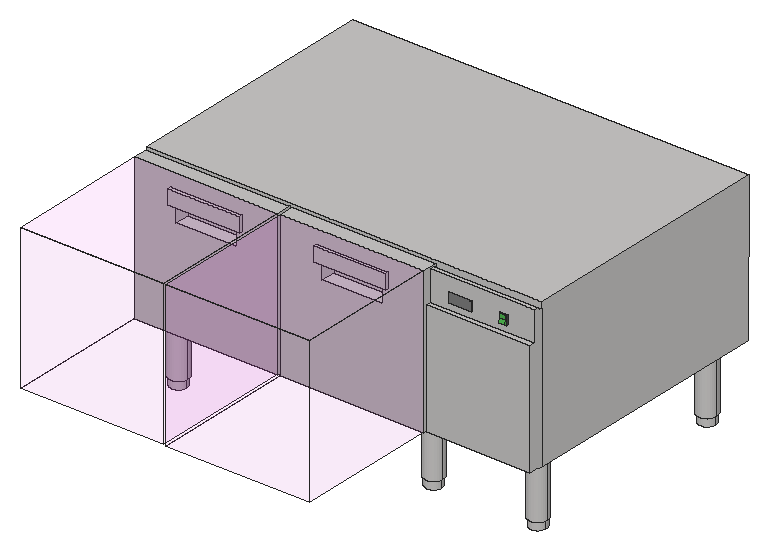
Revit family "QF_ELECTROLUXPROFESSIONAL_391603_E9TTAPCOMIN", category Specialty Equipment, Revit 2023
Family settings
  Round Connector Dimension = Use Diameter
  Part Type = Normal
  Work Plane-Based = No
  Enable Cutting in Views = No
  Always vertical = Yes
  Cut with Voids When Loaded = No
  Maintain Annotation Orientation = No
  Shared = No
  Room Calculation Point = No
Parameters (values of type "Standard")
  Weight = 114.00 kg
  Watts = 4000 W
  Volts = 220 V
  URL Manufacturer = "http://professional.electrolux.com"
  URL = "http://professional.electrolux.com"
  Steam Supply Size = 0 mm
  Steam Supply Minimum Pressure = 0.0 Pa
  Steam Supply Maximum Pressure = 0.0 Pa
  Steam Pounds per Hour = 0
  Refrigeration Suction Line Size = 0 mm
  Refrigeration Liquid Line Size = 0 mm
  Refrigerant Compressor Remote = yes
  Default Elevation = 0 mm
  Manufacturer = "Electrolux Professional"
  Phase = 1
  Model = "E9TTAPCOMIN"
  Length Actual = 1200 mm  # constant formula
  Item Number = "391603"
  Hot Water Size = 0 mm
  Height Actual = 600 mm  # constant formula
  HP = "0.5 HP"
  Gas Size = 0 mm
  Gas KW = 0
  Gas Input Pressure = 0 W
  Description = "REFRIGERATED BASE WITH 2 DRAWERS 1200MM-60HZ - R290"
  Depth Actual = 830 mm  # constant formula
  Cycle = 60 Hz
  Condensate Return Size = 0 mm
  Compressed Air Volume = 0.0 L/s
  Compressed Air Size = 0 mm
  Compressed Air Pressure = 0.0 Pa
  Cold Water Size = 0 mm
  Accessory = yes
Reference planes
  plane 1 "Center X": y = 0
  plane 2: z = 0
  plane 3 "Centro (Sinistra/Destra)": x = 0
  plane 4: z = 200
  plane 5 "TOP": z = 650
  plane 6 "BACK": y = 450
  plane 7 "FRONT": y = -450
  plane 8 "LEFT": x = -600
  plane 9 "RIGHT": x = 600
  plane 10: y = -403
  plane 11: y = -448
  plane 12: x = -545
  plane 13: x = 545
  plane 14: x = 229
  plane 15: y = 292
  plane 16: y = -350
  plane 17: x = 286
  plane 18: x = -599
  plane 19: x = 599
  plane 20: y = 290
  plane 21: x = 560
  plane 22: y = 380
Forms (mm)
  Extrusion 1, solid, material "QF_Finishes_Stainless Steel"
    sketch origin (0, 0, 650) x (-1, 0, 0) y (0, -1, 0)
      loop
        line (599, -380) -> (599, 403) -> (-599, 403) -> (-599, -380) -> (599, -380)
    from -450 to 0
  Extrusion 2, solid, material "QF_Finishes_Stainless Steel"
    sketch origin (196, -342.999, 0) x (-1, 0, 0) y (0, 0, 1)
      loop
        line (795, 201.587) -> (795, 640.994) -> (360.999, 640.994) -> (360.999, 201.587) -> (795, 201.587)
      loop
        line (671.3, 506.706) -> (671.3, 585) -> (484.699, 585) -> (484.699, 506.706) -> (671.3, 506.706)
    from -105.001 to -60.001
  Extrusion 3, solid, material "QF_Door-Drawer Clearances"
    sketch origin (196, -448, 0) x (1, 0, 0) y (0, 0, 1)
      loop
        line (-795, 640.994) -> (-795, 201.587) -> (-360.999, 201.587) -> (-360.999, 640.994) -> (-795, 640.994)
    from 0 to 434
  Extrusion 4, solid, material "QF_Finishes_Stainless Steel"
    sketch origin (599, 66.551, 0) x (0, 1, 0) y (0, 0, 1)
      loop
        line (-469.551, 629.527) -> (-486.314, 640.994) -> (-497.65, 640.994) -> (-497.65, 549.796) -> (-514.551, 549.796) -> (-514.551, 204.796) -> (-484.714, 204.796) -> (-474.993, 200) -> (-469.551, 200) -> (-469.551, 629.527)
    from 0 to -313
  Extrusion 5, solid, material "QF_Finishes_Black"
    sketch origin (583, -431.099, 630.994) x (0, 0, -1) y (1, 0, 0)
      loop
        line (32.198, -86.899) -> (61.199, -86.899) -> (61.199, -64.9) -> (32.198, -64.9) -> (32.198, -86.899)
    from 0 to 1.6
  Extrusion 6, solid, material "QF_Finishes_Grey"
    sketch origin (589, -431.099, 630.994) x (0, 0, -1) y (1, 0, 0)
      loop
        line (32.198, -248.099) -> (61.199, -248.099) -> (61.199, -178.099) -> (32.198, -178.099) -> (32.198, -248.099)
    from 0 to 1.6
  Extrusion 7, solid, material "QF_Finishes_Green"
    sketch origin (518.1, -431.099, 598.796) x (0, 0, -1) y (0, 1, 0)
      loop
        line (2.279, -3.281) -> (14.5, -3.281) -> (25.308, -8.985)
        arc (25.308, -8.985) -> (26.537, -5.394) -> (26.605, -1.6) r 12.221
        line (26.605, -1.6) -> (2.395, -1.6)
        arc (2.395, -1.6) -> (2.308, -2.439) -> (2.279, -3.281) r 12.221
    from -20 to -2
  Extrusion 8, solid, material "QF_Door-Drawer Clearances"
    sketch origin (638.501, -342.999, 0) x (1, 0, 0) y (0, 0, 1)
      loop
        line (-795, 640.994) -> (-795, 201.587) -> (-360.999, 201.587) -> (-360.999, 640.994) -> (-795, 640.994)
    from 105.001 to 539.001
  Extrusion 9, solid, material "QF_Finishes_Stainless Steel"
    sketch origin (196, -448, 0) x (1, 0, 0) y (0, 0, 1)
      loop
        line (-686.3, 598.969) -> (-686.3, 553.969) -> (-469.699, 553.969) -> (-469.699, 598.969) -> (-686.3, 598.969)
    from 0 to 10
  Extrusion 10, solid, material "QF_Finishes_Stainless Steel"
    sketch origin (638.501, -342.999, 0) x (-1, 0, 0) y (0, 0, 1)
      loop
        line (795, 201.587) -> (795, 640.994) -> (360.999, 640.994) -> (360.999, 201.587) -> (795, 201.587)
      loop
        line (671.3, 506.706) -> (671.3, 585) -> (484.699, 585) -> (484.699, 506.706) -> (671.3, 506.706)
    from -105.001 to -60.001
  Extrusion 11, solid, material "QF_Finishes_Stainless Steel"
    sketch origin (638.501, -448, 0) x (1, 0, 0) y (0, 0, 1)
      loop
        line (-686.3, 598.969) -> (-686.3, 553.969) -> (-469.699, 553.969) -> (-469.699, 598.969) -> (-686.3, 598.969)
    from 0 to 10
  Extrusion 12, solid, material "QF_Finishes_Stainless Steel"
    sketch origin (0, -30, 0) x (1, 0, 0) y (0, 1, 0)
      loop
        circle (560, 290) r 6
    from 189.987 to 200
Lines and regions (mm)
  Split face 1
    outline origin (589, -432.699, 630.994) x (0, 0, -1) y (1, 0, 0)
      loop
        line (37.198, -238.099) -> (52.198, -238.099) -> (52.198, -188.099) -> (37.198, -188.099) -> (37.198, -238.099)
  Split face 2
    outline origin (589, -432.699, 630.994) x (0, 0, -1) y (1, 0, 0)
      loop
        circle (44.698, -185.099) r 1.2
  Split face 3
    outline origin (589, -432.699, 630.994) x (0, 0, -1) y (1, 0, 0)
      loop
        circle (39.698, -185.099) r 1.2
  Split face 4
    outline origin (589, -432.699, 630.994) x (0, 0, -1) y (1, 0, 0)
      loop
        circle (49.698, -185.099) r 1.2
  Split face 5
    outline origin (589, -432.699, 630.994) x (0, 0, -1) y (1, 0, 0)
      loop
        circle (39.698, -241.099) r 1.2
  Split face 6
    outline origin (589, -432.699, 630.994) x (0, 0, -1) y (1, 0, 0)
      loop
        circle (44.698, -241.099) r 1.2
  Split face 7
    outline origin (589, -432.699, 630.994) x (0, 0, -1) y (1, 0, 0)
      loop
        circle (49.698, -241.099) r 1.2
  Split face 8
    outline origin (589, -432.699, 630.994) x (0, 0, -1) y (1, 0, 0)
      loop
        line (59.151, -238.099) -> (59.151, -227.099) -> (54.151, -227.099) -> (54.151, -238.099) -> (59.151, -238.099)
  Split face 9
    outline origin (589, -432.699, 630.994) x (0, 0, -1) y (1, 0, 0)
      loop
        line (54.151, -225.099) -> (59.151, -225.099) -> (59.151, -214.099) -> (54.151, -214.099) -> (54.151, -225.099)
  Split face 10
    outline origin (602, -432.699, 630.994) x (0, 0, -1) y (1, 0, 0)
      loop
        line (54.151, -225.099) -> (59.151, -225.099) -> (59.151, -214.099) -> (54.151, -214.099) -> (54.151, -225.099)
  Split face 11
    outline origin (615, -432.699, 630.994) x (0, 0, -1) y (1, 0, 0)
      loop
        line (54.151, -225.099) -> (59.151, -225.099) -> (59.151, -214.099) -> (54.151, -214.099) -> (54.151, -225.099)
  Split face 12
    outline origin (601.5, -448, 549.796) x (0, 0, -1) y (1, 0, 0)
      loop
        arc (52.48, -282.599) -> (56.5, -278.61) -> (52.5, -274.599) r 4
        line (52.5, -274.599) -> (20.5, -274.599)
        arc (20.5, -274.599) -> (16.5, -278.61) -> (20.521, -282.599) r 4
        line (20.521, -282.599) -> (52.48, -282.599)
  Split face 13
    outline origin (613.5, -448, 549.796) x (0, 0, -1) y (1, 0, 0)
      loop
        arc (52.48, -282.599) -> (56.5, -278.61) -> (52.5, -274.599) r 4
        line (52.5, -274.599) -> (20.5, -274.599)
        arc (20.5, -274.599) -> (16.5, -278.61) -> (20.521, -282.599) r 4
        line (20.521, -282.599) -> (52.48, -282.599)
  Split face 14
    outline origin (625.5, -448, 549.796) x (0, 0, -1) y (1, 0, 0)
      loop
        arc (52.48, -282.599) -> (56.5, -278.61) -> (52.5, -274.599) r 4
        line (52.5, -274.599) -> (20.5, -274.599)
        arc (20.5, -274.599) -> (16.5, -278.61) -> (20.521, -282.599) r 4
        line (20.521, -282.599) -> (52.48, -282.599)
  Split face 15
    outline origin (637.397, -448, 549.796) x (0, 0, -1) y (1, 0, 0)
      loop
        arc (52.48, -282.599) -> (56.5, -278.61) -> (52.5, -274.599) r 4
        line (52.5, -274.599) -> (20.5, -274.599)
        arc (20.5, -274.599) -> (16.5, -278.61) -> (20.521, -282.599) r 4
        line (20.521, -282.599) -> (52.48, -282.599)
  Split face 16
    outline origin (649.396, -448, 549.796) x (0, 0, -1) y (1, 0, 0)
      loop
        arc (52.48, -282.599) -> (56.5, -278.61) -> (52.5, -274.599) r 4
        line (52.5, -274.599) -> (20.5, -274.599)
        arc (20.5, -274.599) -> (16.5, -278.61) -> (20.521, -282.599) r 4
        line (20.521, -282.599) -> (52.48, -282.599)
  Split face 17
    outline origin (661.396, -448, 549.796) x (0, 0, -1) y (1, 0, 0)
      loop
        arc (52.48, -282.599) -> (56.5, -278.61) -> (52.5, -274.599) r 4
        line (52.5, -274.599) -> (20.5, -274.599)
        arc (20.5, -274.599) -> (16.5, -278.61) -> (20.521, -282.599) r 4
        line (20.521, -282.599) -> (52.48, -282.599)
  Split face 18
    outline origin (673.396, -448, 549.796) x (0, 0, -1) y (1, 0, 0)
      loop
        arc (52.48, -282.599) -> (56.5, -278.61) -> (52.5, -274.599) r 4
        line (52.5, -274.599) -> (20.5, -274.599)
        arc (20.5, -274.599) -> (16.5, -278.61) -> (20.521, -282.599) r 4
        line (20.521, -282.599) -> (52.48, -282.599)
  Split face 19
    outline origin (685.397, -448, 549.796) x (0, 0, -1) y (1, 0, 0)
      loop
        arc (52.48, -282.599) -> (56.5, -278.61) -> (52.5, -274.599) r 4
        line (52.5, -274.599) -> (20.5, -274.599)
        arc (20.5, -274.599) -> (16.5, -278.61) -> (20.521, -282.599) r 4
        line (20.521, -282.599) -> (52.48, -282.599)
  Split face 20
    outline origin (697.396, -448, 549.796) x (0, 0, -1) y (1, 0, 0)
      loop
        arc (52.48, -282.599) -> (56.5, -278.61) -> (52.5, -274.599) r 4
        line (52.5, -274.599) -> (20.5, -274.599)
        arc (20.5, -274.599) -> (16.5, -278.61) -> (20.521, -282.599) r 4
        line (20.521, -282.599) -> (52.48, -282.599)
  Split face 21
    outline origin (704.396, -448, 549.796) x (0, 0, -1) y (1, 0, 0)
      loop
        arc (52.48, -242.399) -> (56.5, -238.41) -> (52.5, -234.4) r 4
        line (52.5, -234.4) -> (20.5, -234.4)
        arc (20.5, -234.4) -> (16.5, -238.41) -> (20.521, -242.399) r 4
        line (20.521, -242.399) -> (52.48, -242.399)
  Split face 22
    outline origin (716.396, -448, 549.796) x (0, 0, -1) y (1, 0, 0)
      loop
        arc (52.48, -242.399) -> (56.5, -238.41) -> (52.5, -234.4) r 4
        line (52.5, -234.4) -> (20.5, -234.4)
        arc (20.5, -234.4) -> (16.5, -238.41) -> (20.521, -242.399) r 4
        line (20.521, -242.399) -> (52.48, -242.399)
  Split face 23
    outline origin (728.396, -448, 549.796) x (0, 0, -1) y (1, 0, 0)
      loop
        arc (52.48, -242.399) -> (56.5, -238.41) -> (52.5, -234.4) r 4
        line (52.5, -234.4) -> (20.5, -234.4)
        arc (20.5, -234.4) -> (16.5, -238.41) -> (20.521, -242.399) r 4
        line (20.521, -242.399) -> (52.48, -242.399)
  Split face 24
    outline origin (740.396, -448, 549.796) x (0, 0, -1) y (1, 0, 0)
      loop
        arc (52.48, -242.399) -> (56.5, -238.41) -> (52.5, -234.4) r 4
        line (52.5, -234.4) -> (20.5, -234.4)
        arc (20.5, -234.4) -> (16.5, -238.41) -> (20.521, -242.399) r 4
        line (20.521, -242.399) -> (52.48, -242.399)
  Split face 25
    outline origin (752.396, -448, 549.796) x (0, 0, -1) y (1, 0, 0)
      loop
        arc (52.48, -242.399) -> (56.5, -238.41) -> (52.5, -234.4) r 4
        line (52.5, -234.4) -> (20.5, -234.4)
        arc (20.5, -234.4) -> (16.5, -238.41) -> (20.521, -242.399) r 4
        line (20.521, -242.399) -> (52.48, -242.399)
  Split face 26
    outline origin (764.396, -448, 549.796) x (0, 0, -1) y (1, 0, 0)
      loop
        arc (52.48, -242.399) -> (56.5, -238.41) -> (52.5, -234.4) r 4
        line (52.5, -234.4) -> (20.5, -234.4)
        arc (20.5, -234.4) -> (16.5, -238.41) -> (20.521, -242.399) r 4
        line (20.521, -242.399) -> (52.48, -242.399)
  Split face 27
    outline origin (776.396, -448, 549.796) x (0, 0, -1) y (1, 0, 0)
      loop
        arc (52.48, -242.399) -> (56.5, -238.41) -> (52.5, -234.4) r 4
        line (52.5, -234.4) -> (20.5, -234.4)
        arc (20.5, -234.4) -> (16.5, -238.41) -> (20.521, -242.399) r 4
        line (20.521, -242.399) -> (52.48, -242.399)
  Split face 28
    outline origin (788.396, -448, 549.796) x (0, 0, -1) y (1, 0, 0)
      loop
        arc (52.48, -242.399) -> (56.5, -238.41) -> (52.5, -234.4) r 4
        line (52.5, -234.4) -> (20.5, -234.4)
        arc (20.5, -234.4) -> (16.5, -238.41) -> (20.521, -242.399) r 4
        line (20.521, -242.399) -> (52.48, -242.399)
  Split face 29
    outline origin (800.396, -448, 549.796) x (0, 0, -1) y (1, 0, 0)
      loop
        arc (52.48, -242.399) -> (56.5, -238.41) -> (52.5, -234.4) r 4
        line (52.5, -234.4) -> (20.5, -234.4)
        arc (20.5, -234.4) -> (16.5, -238.41) -> (20.521, -242.399) r 4
        line (20.521, -242.399) -> (52.48, -242.399)
  Split face 30
    outline origin (812.396, -448, 549.796) x (0, 0, -1) y (1, 0, 0)
      loop
        arc (52.48, -242.399) -> (56.5, -238.41) -> (52.5, -234.4) r 4
        line (52.5, -234.4) -> (20.5, -234.4)
        arc (20.5, -234.4) -> (16.5, -238.41) -> (20.521, -242.399) r 4
        line (20.521, -242.399) -> (52.48, -242.399)
  Split face 31
    outline origin (589.5, -448, 549.796) x (0, 0, -1) y (1, 0, 0)
      loop
        arc (52.48, -282.599) -> (56.5, -278.61) -> (52.5, -274.599) r 4
        line (52.5, -274.599) -> (20.5, -274.599)
        arc (20.5, -274.599) -> (16.5, -278.61) -> (20.521, -282.599) r 4
        line (20.521, -282.599) -> (52.48, -282.599)
  Split face 32
    outline origin (601.5, -448, 504.794) x (0, 0, -1) y (1, 0, 0)
      loop
        arc (52.48, -282.599) -> (56.5, -278.61) -> (52.5, -274.599) r 4
        line (52.5, -274.599) -> (20.5, -274.599)
        arc (20.5, -274.599) -> (16.5, -278.61) -> (20.521, -282.599) r 4
        line (20.521, -282.599) -> (52.48, -282.599)
  Split face 33
    outline origin (613.5, -448, 504.794) x (0, 0, -1) y (1, 0, 0)
      loop
        arc (52.48, -282.599) -> (56.5, -278.61) -> (52.5, -274.599) r 4
        line (52.5, -274.599) -> (20.5, -274.599)
        arc (20.5, -274.599) -> (16.5, -278.61) -> (20.521, -282.599) r 4
        line (20.521, -282.599) -> (52.48, -282.599)
  Split face 34
    outline origin (625.5, -448, 504.794) x (0, 0, -1) y (1, 0, 0)
      loop
        arc (52.48, -282.599) -> (56.5, -278.61) -> (52.5, -274.599) r 4
        line (52.5, -274.599) -> (20.5, -274.599)
        arc (20.5, -274.599) -> (16.5, -278.61) -> (20.521, -282.599) r 4
        line (20.521, -282.599) -> (52.48, -282.599)
  Split face 35
    outline origin (637.397, -448, 504.794) x (0, 0, -1) y (1, 0, 0)
      loop
        arc (52.48, -282.599) -> (56.5, -278.61) -> (52.5, -274.599) r 4
        line (52.5, -274.599) -> (20.5, -274.599)
        arc (20.5, -274.599) -> (16.5, -278.61) -> (20.521, -282.599) r 4
        line (20.521, -282.599) -> (52.48, -282.599)
  Split face 36
    outline origin (649.396, -448, 504.794) x (0, 0, -1) y (1, 0, 0)
      loop
        arc (52.48, -282.599) -> (56.5, -278.61) -> (52.5, -274.599) r 4
        line (52.5, -274.599) -> (20.5, -274.599)
        arc (20.5, -274.599) -> (16.5, -278.61) -> (20.521, -282.599) r 4
        line (20.521, -282.599) -> (52.48, -282.599)
  Split face 37
    outline origin (661.396, -448, 504.794) x (0, 0, -1) y (1, 0, 0)
      loop
        arc (52.48, -282.599) -> (56.5, -278.61) -> (52.5, -274.599) r 4
        line (52.5, -274.599) -> (20.5, -274.599)
        arc (20.5, -274.599) -> (16.5, -278.61) -> (20.521, -282.599) r 4
        line (20.521, -282.599) -> (52.48, -282.599)
  Split face 38
    outline origin (673.396, -448, 504.794) x (0, 0, -1) y (1, 0, 0)
      loop
        arc (52.48, -282.599) -> (56.5, -278.61) -> (52.5, -274.599) r 4
        line (52.5, -274.599) -> (20.5, -274.599)
        arc (20.5, -274.599) -> (16.5, -278.61) -> (20.521, -282.599) r 4
        line (20.521, -282.599) -> (52.48, -282.599)
  Split face 39
    outline origin (685.397, -448, 504.794) x (0, 0, -1) y (1, 0, 0)
      loop
        arc (52.48, -282.599) -> (56.5, -278.61) -> (52.5, -274.599) r 4
        line (52.5, -274.599) -> (20.5, -274.599)
        arc (20.5, -274.599) -> (16.5, -278.61) -> (20.521, -282.599) r 4
        line (20.521, -282.599) -> (52.48, -282.599)
  Split face 40
    outline origin (697.396, -448, 504.794) x (0, 0, -1) y (1, 0, 0)
      loop
        arc (52.48, -282.599) -> (56.5, -278.61) -> (52.5, -274.599) r 4
        line (52.5, -274.599) -> (20.5, -274.599)
        arc (20.5, -274.599) -> (16.5, -278.61) -> (20.521, -282.599) r 4
        line (20.521, -282.599) -> (52.48, -282.599)
  Split face 41
    outline origin (704.396, -448, 504.794) x (0, 0, -1) y (1, 0, 0)
      loop
        arc (52.48, -242.399) -> (56.5, -238.41) -> (52.5, -234.4) r 4
        line (52.5, -234.4) -> (20.5, -234.4)
        arc (20.5, -234.4) -> (16.5, -238.41) -> (20.521, -242.399) r 4
        line (20.521, -242.399) -> (52.48, -242.399)
  Split face 42
    outline origin (716.396, -448, 504.794) x (0, 0, -1) y (1, 0, 0)
      loop
        arc (52.48, -242.399) -> (56.5, -238.41) -> (52.5, -234.4) r 4
        line (52.5, -234.4) -> (20.5, -234.4)
        arc (20.5, -234.4) -> (16.5, -238.41) -> (20.521, -242.399) r 4
        line (20.521, -242.399) -> (52.48, -242.399)
  Split face 43
    outline origin (728.396, -448, 504.794) x (0, 0, -1) y (1, 0, 0)
      loop
        arc (52.48, -242.399) -> (56.5, -238.41) -> (52.5, -234.4) r 4
        line (52.5, -234.4) -> (20.5, -234.4)
        arc (20.5, -234.4) -> (16.5, -238.41) -> (20.521, -242.399) r 4
        line (20.521, -242.399) -> (52.48, -242.399)
  Split face 44
    outline origin (740.396, -448, 504.794) x (0, 0, -1) y (1, 0, 0)
      loop
        arc (52.48, -242.399) -> (56.5, -238.41) -> (52.5, -234.4) r 4
        line (52.5, -234.4) -> (20.5, -234.4)
        arc (20.5, -234.4) -> (16.5, -238.41) -> (20.521, -242.399) r 4
        line (20.521, -242.399) -> (52.48, -242.399)
  Split face 45
    outline origin (752.396, -448, 504.794) x (0, 0, -1) y (1, 0, 0)
      loop
        arc (52.48, -242.399) -> (56.5, -238.41) -> (52.5, -234.4) r 4
        line (52.5, -234.4) -> (20.5, -234.4)
        arc (20.5, -234.4) -> (16.5, -238.41) -> (20.521, -242.399) r 4
        line (20.521, -242.399) -> (52.48, -242.399)
  Split face 46
    outline origin (764.396, -448, 504.794) x (0, 0, -1) y (1, 0, 0)
      loop
        arc (52.48, -242.399) -> (56.5, -238.41) -> (52.5, -234.4) r 4
        line (52.5, -234.4) -> (20.5, -234.4)
        arc (20.5, -234.4) -> (16.5, -238.41) -> (20.521, -242.399) r 4
        line (20.521, -242.399) -> (52.48, -242.399)
  Split face 47
    outline origin (776.396, -448, 504.794) x (0, 0, -1) y (1, 0, 0)
      loop
        arc (52.48, -242.399) -> (56.5, -238.41) -> (52.5, -234.4) r 4
        line (52.5, -234.4) -> (20.5, -234.4)
        arc (20.5, -234.4) -> (16.5, -238.41) -> (20.521, -242.399) r 4
        line (20.521, -242.399) -> (52.48, -242.399)
  Split face 48
    outline origin (788.396, -448, 504.794) x (0, 0, -1) y (1, 0, 0)
      loop
        arc (52.48, -242.399) -> (56.5, -238.41) -> (52.5, -234.4) r 4
        line (52.5, -234.4) -> (20.5, -234.4)
        arc (20.5, -234.4) -> (16.5, -238.41) -> (20.521, -242.399) r 4
        line (20.521, -242.399) -> (52.48, -242.399)
  Split face 49
    outline origin (800.396, -448, 504.794) x (0, 0, -1) y (1, 0, 0)
      loop
        arc (52.48, -242.399) -> (56.5, -238.41) -> (52.5, -234.4) r 4
        line (52.5, -234.4) -> (20.5, -234.4)
        arc (20.5, -234.4) -> (16.5, -238.41) -> (20.521, -242.399) r 4
        line (20.521, -242.399) -> (52.48, -242.399)
  Split face 50
    outline origin (812.396, -448, 504.794) x (0, 0, -1) y (1, 0, 0)
      loop
        arc (52.48, -242.399) -> (56.5, -238.41) -> (52.5, -234.4) r 4
        line (52.5, -234.4) -> (20.5, -234.4)
        arc (20.5, -234.4) -> (16.5, -238.41) -> (20.521, -242.399) r 4
        line (20.521, -242.399) -> (52.48, -242.399)
  Split face 51
    outline origin (589.5, -448, 504.794) x (0, 0, -1) y (1, 0, 0)
      loop
        arc (52.48, -282.599) -> (56.5, -278.61) -> (52.5, -274.599) r 4
        line (52.5, -274.599) -> (20.5, -274.599)
        arc (20.5, -274.599) -> (16.5, -278.61) -> (20.521, -282.599) r 4
        line (20.521, -282.599) -> (52.48, -282.599)
  Split face 52
    outline origin (601.5, -448, 459.794) x (0, 0, -1) y (1, 0, 0)
      loop
        arc (52.48, -282.599) -> (56.5, -278.61) -> (52.5, -274.599) r 4
        line (52.5, -274.599) -> (20.5, -274.599)
        arc (20.5, -274.599) -> (16.5, -278.61) -> (20.521, -282.599) r 4
        line (20.521, -282.599) -> (52.48, -282.599)
  Split face 53
    outline origin (613.5, -448, 459.794) x (0, 0, -1) y (1, 0, 0)
      loop
        arc (52.48, -282.599) -> (56.5, -278.61) -> (52.5, -274.599) r 4
        line (52.5, -274.599) -> (20.5, -274.599)
        arc (20.5, -274.599) -> (16.5, -278.61) -> (20.521, -282.599) r 4
        line (20.521, -282.599) -> (52.48, -282.599)
  Split face 54
    outline origin (625.5, -448, 459.794) x (0, 0, -1) y (1, 0, 0)
      loop
        arc (52.48, -282.599) -> (56.5, -278.61) -> (52.5, -274.599) r 4
        line (52.5, -274.599) -> (20.5, -274.599)
        arc (20.5, -274.599) -> (16.5, -278.61) -> (20.521, -282.599) r 4
        line (20.521, -282.599) -> (52.48, -282.599)
  Split face 55
    outline origin (637.397, -448, 459.794) x (0, 0, -1) y (1, 0, 0)
      loop
        arc (52.48, -282.599) -> (56.5, -278.61) -> (52.5, -274.599) r 4
        line (52.5, -274.599) -> (20.5, -274.599)
        arc (20.5, -274.599) -> (16.5, -278.61) -> (20.521, -282.599) r 4
        line (20.521, -282.599) -> (52.48, -282.599)
  Split face 56
    outline origin (649.396, -448, 459.794) x (0, 0, -1) y (1, 0, 0)
      loop
        arc (52.48, -282.599) -> (56.5, -278.61) -> (52.5, -274.599) r 4
        line (52.5, -274.599) -> (20.5, -274.599)
        arc (20.5, -274.599) -> (16.5, -278.61) -> (20.521, -282.599) r 4
        line (20.521, -282.599) -> (52.48, -282.599)
  Split face 57
    outline origin (661.396, -448, 459.794) x (0, 0, -1) y (1, 0, 0)
      loop
        arc (52.48, -282.599) -> (56.5, -278.61) -> (52.5, -274.599) r 4
        line (52.5, -274.599) -> (20.5, -274.599)
        arc (20.5, -274.599) -> (16.5, -278.61) -> (20.521, -282.599) r 4
        line (20.521, -282.599) -> (52.48, -282.599)
  Split face 58
    outline origin (673.396, -448, 459.794) x (0, 0, -1) y (1, 0, 0)
      loop
        arc (52.48, -282.599) -> (56.5, -278.61) -> (52.5, -274.599) r 4
        line (52.5, -274.599) -> (20.5, -274.599)
        arc (20.5, -274.599) -> (16.5, -278.61) -> (20.521, -282.599) r 4
        line (20.521, -282.599) -> (52.48, -282.599)
  Split face 59
    outline origin (685.397, -448, 459.794) x (0, 0, -1) y (1, 0, 0)
      loop
        arc (52.48, -282.599) -> (56.5, -278.61) -> (52.5, -274.599) r 4
        line (52.5, -274.599) -> (20.5, -274.599)
        arc (20.5, -274.599) -> (16.5, -278.61) -> (20.521, -282.599) r 4
        line (20.521, -282.599) -> (52.48, -282.599)
  Split face 60
    outline origin (697.396, -448, 459.794) x (0, 0, -1) y (1, 0, 0)
      loop
        arc (52.48, -282.599) -> (56.5, -278.61) -> (52.5, -274.599) r 4
        line (52.5, -274.599) -> (20.5, -274.599)
        arc (20.5, -274.599) -> (16.5, -278.61) -> (20.521, -282.599) r 4
        line (20.521, -282.599) -> (52.48, -282.599)
  Split face 61
    outline origin (704.396, -448, 459.794) x (0, 0, -1) y (1, 0, 0)
      loop
        arc (52.48, -242.399) -> (56.5, -238.41) -> (52.5, -234.4) r 4
        line (52.5, -234.4) -> (20.5, -234.4)
        arc (20.5, -234.4) -> (16.5, -238.41) -> (20.521, -242.399) r 4
        line (20.521, -242.399) -> (52.48, -242.399)
  Split face 62
    outline origin (716.396, -448, 459.794) x (0, 0, -1) y (1, 0, 0)
      loop
        arc (52.48, -242.399) -> (56.5, -238.41) -> (52.5, -234.4) r 4
        line (52.5, -234.4) -> (20.5, -234.4)
        arc (20.5, -234.4) -> (16.5, -238.41) -> (20.521, -242.399) r 4
        line (20.521, -242.399) -> (52.48, -242.399)
  Split face 63
    outline origin (728.396, -448, 459.794) x (0, 0, -1) y (1, 0, 0)
      loop
        arc (52.48, -242.399) -> (56.5, -238.41) -> (52.5, -234.4) r 4
        line (52.5, -234.4) -> (20.5, -234.4)
        arc (20.5, -234.4) -> (16.5, -238.41) -> (20.521, -242.399) r 4
        line (20.521, -242.399) -> (52.48, -242.399)
  Split face 64
    outline origin (740.396, -448, 459.794) x (0, 0, -1) y (1, 0, 0)
      loop
        arc (52.48, -242.399) -> (56.5, -238.41) -> (52.5, -234.4) r 4
        line (52.5, -234.4) -> (20.5, -234.4)
        arc (20.5, -234.4) -> (16.5, -238.41) -> (20.521, -242.399) r 4
        line (20.521, -242.399) -> (52.48, -242.399)
  Split face 65
    outline origin (752.396, -448, 459.794) x (0, 0, -1) y (1, 0, 0)
      loop
        arc (52.48, -242.399) -> (56.5, -238.41) -> (52.5, -234.4) r 4
        line (52.5, -234.4) -> (20.5, -234.4)
        arc (20.5, -234.4) -> (16.5, -238.41) -> (20.521, -242.399) r 4
        line (20.521, -242.399) -> (52.48, -242.399)
  Split face 66
    outline origin (764.396, -448, 459.794) x (0, 0, -1) y (1, 0, 0)
      loop
        arc (52.48, -242.399) -> (56.5, -238.41) -> (52.5, -234.4) r 4
        line (52.5, -234.4) -> (20.5, -234.4)
        arc (20.5, -234.4) -> (16.5, -238.41) -> (20.521, -242.399) r 4
        line (20.521, -242.399) -> (52.48, -242.399)
  Split face 67
    outline origin (776.396, -448, 459.794) x (0, 0, -1) y (1, 0, 0)
      loop
        arc (52.48, -242.399) -> (56.5, -238.41) -> (52.5, -234.4) r 4
        line (52.5, -234.4) -> (20.5, -234.4)
        arc (20.5, -234.4) -> (16.5, -238.41) -> (20.521, -242.399) r 4
        line (20.521, -242.399) -> (52.48, -242.399)
  Split face 68
    outline origin (788.396, -448, 459.794) x (0, 0, -1) y (1, 0, 0)
      loop
        arc (52.48, -242.399) -> (56.5, -238.41) -> (52.5, -234.4) r 4
        line (52.5, -234.4) -> (20.5, -234.4)
        arc (20.5, -234.4) -> (16.5, -238.41) -> (20.521, -242.399) r 4
        line (20.521, -242.399) -> (52.48, -242.399)
  Split face 69
    outline origin (800.396, -448, 459.794) x (0, 0, -1) y (1, 0, 0)
      loop
        arc (52.48, -242.399) -> (56.5, -238.41) -> (52.5, -234.4) r 4
        line (52.5, -234.4) -> (20.5, -234.4)
        arc (20.5, -234.4) -> (16.5, -238.41) -> (20.521, -242.399) r 4
        line (20.521, -242.399) -> (52.48, -242.399)
  Split face 70
    outline origin (812.396, -448, 459.794) x (0, 0, -1) y (1, 0, 0)
      loop
        arc (52.48, -242.399) -> (56.5, -238.41) -> (52.5, -234.4) r 4
        line (52.5, -234.4) -> (20.5, -234.4)
        arc (20.5, -234.4) -> (16.5, -238.41) -> (20.521, -242.399) r 4
        line (20.521, -242.399) -> (52.48, -242.399)
  Split face 71
    outline origin (589.5, -448, 459.794) x (0, 0, -1) y (1, 0, 0)
      loop
        arc (52.48, -282.599) -> (56.5, -278.61) -> (52.5, -274.599) r 4
        line (52.5, -274.599) -> (20.5, -274.599)
        arc (20.5, -274.599) -> (16.5, -278.61) -> (20.521, -282.599) r 4
        line (20.521, -282.599) -> (52.48, -282.599)
  Split face 72
    outline origin (601.5, -448, 414.794) x (0, 0, -1) y (1, 0, 0)
      loop
        arc (52.48, -282.599) -> (56.5, -278.61) -> (52.5, -274.599) r 4
        line (52.5, -274.599) -> (20.5, -274.599)
        arc (20.5, -274.599) -> (16.5, -278.61) -> (20.521, -282.599) r 4
        line (20.521, -282.599) -> (52.48, -282.599)
  Split face 73
    outline origin (613.5, -448, 414.794) x (0, 0, -1) y (1, 0, 0)
      loop
        arc (52.48, -282.599) -> (56.5, -278.61) -> (52.5, -274.599) r 4
        line (52.5, -274.599) -> (20.5, -274.599)
        arc (20.5, -274.599) -> (16.5, -278.61) -> (20.521, -282.599) r 4
        line (20.521, -282.599) -> (52.48, -282.599)
  Split face 74
    outline origin (625.5, -448, 414.794) x (0, 0, -1) y (1, 0, 0)
      loop
        arc (52.48, -282.599) -> (56.5, -278.61) -> (52.5, -274.599) r 4
        line (52.5, -274.599) -> (20.5, -274.599)
        arc (20.5, -274.599) -> (16.5, -278.61) -> (20.521, -282.599) r 4
        line (20.521, -282.599) -> (52.48, -282.599)
  Split face 75
    outline origin (637.397, -448, 414.794) x (0, 0, -1) y (1, 0, 0)
      loop
        arc (52.48, -282.599) -> (56.5, -278.61) -> (52.5, -274.599) r 4
        line (52.5, -274.599) -> (20.5, -274.599)
        arc (20.5, -274.599) -> (16.5, -278.61) -> (20.521, -282.599) r 4
        line (20.521, -282.599) -> (52.48, -282.599)
  Split face 76
    outline origin (649.396, -448, 414.794) x (0, 0, -1) y (1, 0, 0)
      loop
        arc (52.48, -282.599) -> (56.5, -278.61) -> (52.5, -274.599) r 4
        line (52.5, -274.599) -> (20.5, -274.599)
        arc (20.5, -274.599) -> (16.5, -278.61) -> (20.521, -282.599) r 4
        line (20.521, -282.599) -> (52.48, -282.599)
  Split face 77
    outline origin (661.396, -448, 414.794) x (0, 0, -1) y (1, 0, 0)
      loop
        arc (52.48, -282.599) -> (56.5, -278.61) -> (52.5, -274.599) r 4
        line (52.5, -274.599) -> (20.5, -274.599)
        arc (20.5, -274.599) -> (16.5, -278.61) -> (20.521, -282.599) r 4
        line (20.521, -282.599) -> (52.48, -282.599)
  Split face 78
    outline origin (673.396, -448, 414.794) x (0, 0, -1) y (1, 0, 0)
      loop
        arc (52.48, -282.599) -> (56.5, -278.61) -> (52.5, -274.599) r 4
        line (52.5, -274.599) -> (20.5, -274.599)
        arc (20.5, -274.599) -> (16.5, -278.61) -> (20.521, -282.599) r 4
        line (20.521, -282.599) -> (52.48, -282.599)
  Split face 79
    outline origin (685.397, -448, 414.794) x (0, 0, -1) y (1, 0, 0)
      loop
        arc (52.48, -282.599) -> (56.5, -278.61) -> (52.5, -274.599) r 4
        line (52.5, -274.599) -> (20.5, -274.599)
        arc (20.5, -274.599) -> (16.5, -278.61) -> (20.521, -282.599) r 4
        line (20.521, -282.599) -> (52.48, -282.599)
  Split face 80
    outline origin (697.396, -448, 414.794) x (0, 0, -1) y (1, 0, 0)
      loop
        arc (52.48, -282.599) -> (56.5, -278.61) -> (52.5, -274.599) r 4
        line (52.5, -274.599) -> (20.5, -274.599)
        arc (20.5, -274.599) -> (16.5, -278.61) -> (20.521, -282.599) r 4
        line (20.521, -282.599) -> (52.48, -282.599)
  Split face 81
    outline origin (704.396, -448, 414.794) x (0, 0, -1) y (1, 0, 0)
      loop
        arc (52.48, -242.399) -> (56.5, -238.41) -> (52.5, -234.4) r 4
        line (52.5, -234.4) -> (20.5, -234.4)
        arc (20.5, -234.4) -> (16.5, -238.41) -> (20.521, -242.399) r 4
        line (20.521, -242.399) -> (52.48, -242.399)
  Split face 82
    outline origin (716.396, -448, 414.794) x (0, 0, -1) y (1, 0, 0)
      loop
        arc (52.48, -242.399) -> (56.5, -238.41) -> (52.5, -234.4) r 4
        line (52.5, -234.4) -> (20.5, -234.4)
        arc (20.5, -234.4) -> (16.5, -238.41) -> (20.521, -242.399) r 4
        line (20.521, -242.399) -> (52.48, -242.399)
  Split face 83
    outline origin (728.396, -448, 414.794) x (0, 0, -1) y (1, 0, 0)
      loop
        arc (52.48, -242.399) -> (56.5, -238.41) -> (52.5, -234.4) r 4
        line (52.5, -234.4) -> (20.5, -234.4)
        arc (20.5, -234.4) -> (16.5, -238.41) -> (20.521, -242.399) r 4
        line (20.521, -242.399) -> (52.48, -242.399)
  Split face 84
    outline origin (740.396, -448, 414.794) x (0, 0, -1) y (1, 0, 0)
      loop
        arc (52.48, -242.399) -> (56.5, -238.41) -> (52.5, -234.4) r 4
        line (52.5, -234.4) -> (20.5, -234.4)
        arc (20.5, -234.4) -> (16.5, -238.41) -> (20.521, -242.399) r 4
        line (20.521, -242.399) -> (52.48, -242.399)
  Split face 85
    outline origin (752.396, -448, 414.794) x (0, 0, -1) y (1, 0, 0)
      loop
        arc (52.48, -242.399) -> (56.5, -238.41) -> (52.5, -234.4) r 4
        line (52.5, -234.4) -> (20.5, -234.4)
        arc (20.5, -234.4) -> (16.5, -238.41) -> (20.521, -242.399) r 4
        line (20.521, -242.399) -> (52.48, -242.399)
  Split face 86
    outline origin (764.396, -448, 414.794) x (0, 0, -1) y (1, 0, 0)
      loop
        arc (52.48, -242.399) -> (56.5, -238.41) -> (52.5, -234.4) r 4
        line (52.5, -234.4) -> (20.5, -234.4)
        arc (20.5, -234.4) -> (16.5, -238.41) -> (20.521, -242.399) r 4
        line (20.521, -242.399) -> (52.48, -242.399)
  Split face 87
    outline origin (776.396, -448, 414.794) x (0, 0, -1) y (1, 0, 0)
      loop
        arc (52.48, -242.399) -> (56.5, -238.41) -> (52.5, -234.4) r 4
        line (52.5, -234.4) -> (20.5, -234.4)
        arc (20.5, -234.4) -> (16.5, -238.41) -> (20.521, -242.399) r 4
        line (20.521, -242.399) -> (52.48, -242.399)
  Split face 88
    outline origin (788.396, -448, 414.794) x (0, 0, -1) y (1, 0, 0)
      loop
        arc (52.48, -242.399) -> (56.5, -238.41) -> (52.5, -234.4) r 4
        line (52.5, -234.4) -> (20.5, -234.4)
        arc (20.5, -234.4) -> (16.5, -238.41) -> (20.521, -242.399) r 4
        line (20.521, -242.399) -> (52.48, -242.399)
  Split face 89
    outline origin (800.396, -448, 414.794) x (0, 0, -1) y (1, 0, 0)
      loop
        arc (52.48, -242.399) -> (56.5, -238.41) -> (52.5, -234.4) r 4
        line (52.5, -234.4) -> (20.5, -234.4)
        arc (20.5, -234.4) -> (16.5, -238.41) -> (20.521, -242.399) r 4
        line (20.521, -242.399) -> (52.48, -242.399)
  Split face 90
    outline origin (812.396, -448, 414.794) x (0, 0, -1) y (1, 0, 0)
      loop
        arc (52.48, -242.399) -> (56.5, -238.41) -> (52.5, -234.4) r 4
        line (52.5, -234.4) -> (20.5, -234.4)
        arc (20.5, -234.4) -> (16.5, -238.41) -> (20.521, -242.399) r 4
        line (20.521, -242.399) -> (52.48, -242.399)
  Split face 91
    outline origin (589.5, -448, 414.794) x (0, 0, -1) y (1, 0, 0)
      loop
        arc (52.48, -282.599) -> (56.5, -278.61) -> (52.5, -274.599) r 4
        line (52.5, -274.599) -> (20.5, -274.599)
        arc (20.5, -274.599) -> (16.5, -278.61) -> (20.521, -282.599) r 4
        line (20.521, -282.599) -> (52.48, -282.599)
  Split face 92
    outline origin (601.5, -448, 369.794) x (0, 0, -1) y (1, 0, 0)
      loop
        arc (52.48, -282.599) -> (56.5, -278.61) -> (52.5, -274.599) r 4
        line (52.5, -274.599) -> (20.5, -274.599)
        arc (20.5, -274.599) -> (16.5, -278.61) -> (20.521, -282.599) r 4
        line (20.521, -282.599) -> (52.48, -282.599)
  Split face 93
    outline origin (613.5, -448, 369.794) x (0, 0, -1) y (1, 0, 0)
      loop
        arc (52.48, -282.599) -> (56.5, -278.61) -> (52.5, -274.599) r 4
        line (52.5, -274.599) -> (20.5, -274.599)
        arc (20.5, -274.599) -> (16.5, -278.61) -> (20.521, -282.599) r 4
        line (20.521, -282.599) -> (52.48, -282.599)
  Split face 94
    outline origin (625.5, -448, 369.794) x (0, 0, -1) y (1, 0, 0)
      loop
        arc (52.48, -282.599) -> (56.5, -278.61) -> (52.5, -274.599) r 4
        line (52.5, -274.599) -> (20.5, -274.599)
        arc (20.5, -274.599) -> (16.5, -278.61) -> (20.521, -282.599) r 4
        line (20.521, -282.599) -> (52.48, -282.599)
  Split face 95
    outline origin (637.397, -448, 369.794) x (0, 0, -1) y (1, 0, 0)
      loop
        arc (52.48, -282.599) -> (56.5, -278.61) -> (52.5, -274.599) r 4
        line (52.5, -274.599) -> (20.5, -274.599)
        arc (20.5, -274.599) -> (16.5, -278.61) -> (20.521, -282.599) r 4
        line (20.521, -282.599) -> (52.48, -282.599)
  Split face 96
    outline origin (649.396, -448, 369.794) x (0, 0, -1) y (1, 0, 0)
      loop
        arc (52.48, -282.599) -> (56.5, -278.61) -> (52.5, -274.599) r 4
        line (52.5, -274.599) -> (20.5, -274.599)
        arc (20.5, -274.599) -> (16.5, -278.61) -> (20.521, -282.599) r 4
        line (20.521, -282.599) -> (52.48, -282.599)
  Split face 97
    outline origin (661.396, -448, 369.794) x (0, 0, -1) y (1, 0, 0)
      loop
        arc (52.48, -282.599) -> (56.5, -278.61) -> (52.5, -274.599) r 4
        line (52.5, -274.599) -> (20.5, -274.599)
        arc (20.5, -274.599) -> (16.5, -278.61) -> (20.521, -282.599) r 4
        line (20.521, -282.599) -> (52.48, -282.599)
  Split face 98
    outline origin (673.396, -448, 369.794) x (0, 0, -1) y (1, 0, 0)
      loop
        arc (52.48, -282.599) -> (56.5, -278.61) -> (52.5, -274.599) r 4
        line (52.5, -274.599) -> (20.5, -274.599)
        arc (20.5, -274.599) -> (16.5, -278.61) -> (20.521, -282.599) r 4
        line (20.521, -282.599) -> (52.48, -282.599)
  Split face 99
    outline origin (685.397, -448, 369.794) x (0, 0, -1) y (1, 0, 0)
      loop
        arc (52.48, -282.599) -> (56.5, -278.61) -> (52.5, -274.599) r 4
        line (52.5, -274.599) -> (20.5, -274.599)
        arc (20.5, -274.599) -> (16.5, -278.61) -> (20.521, -282.599) r 4
        line (20.521, -282.599) -> (52.48, -282.599)
  Split face 100
    outline origin (697.396, -448, 369.794) x (0, 0, -1) y (1, 0, 0)
      loop
        arc (52.48, -282.599) -> (56.5, -278.61) -> (52.5, -274.599) r 4
        line (52.5, -274.599) -> (20.5, -274.599)
        arc (20.5, -274.599) -> (16.5, -278.61) -> (20.521, -282.599) r 4
        line (20.521, -282.599) -> (52.48, -282.599)
  Split face 101
    outline origin (704.396, -448, 369.794) x (0, 0, -1) y (1, 0, 0)
      loop
        arc (52.48, -242.399) -> (56.5, -238.41) -> (52.5, -234.4) r 4
        line (52.5, -234.4) -> (20.5, -234.4)
        arc (20.5, -234.4) -> (16.5, -238.41) -> (20.521, -242.399) r 4
        line (20.521, -242.399) -> (52.48, -242.399)
  Split face 102
    outline origin (716.396, -448, 369.794) x (0, 0, -1) y (1, 0, 0)
      loop
        arc (52.48, -242.399) -> (56.5, -238.41) -> (52.5, -234.4) r 4
        line (52.5, -234.4) -> (20.5, -234.4)
        arc (20.5, -234.4) -> (16.5, -238.41) -> (20.521, -242.399) r 4
        line (20.521, -242.399) -> (52.48, -242.399)
  Split face 103
    outline origin (728.396, -448, 369.794) x (0, 0, -1) y (1, 0, 0)
      loop
        arc (52.48, -242.399) -> (56.5, -238.41) -> (52.5, -234.4) r 4
        line (52.5, -234.4) -> (20.5, -234.4)
        arc (20.5, -234.4) -> (16.5, -238.41) -> (20.521, -242.399) r 4
        line (20.521, -242.399) -> (52.48, -242.399)
  Split face 104
    outline origin (740.396, -448, 369.794) x (0, 0, -1) y (1, 0, 0)
      loop
        arc (52.48, -242.399) -> (56.5, -238.41) -> (52.5, -234.4) r 4
        line (52.5, -234.4) -> (20.5, -234.4)
        arc (20.5, -234.4) -> (16.5, -238.41) -> (20.521, -242.399) r 4
        line (20.521, -242.399) -> (52.48, -242.399)
  Split face 105
    outline origin (752.396, -448, 369.794) x (0, 0, -1) y (1, 0, 0)
      loop
        arc (52.48, -242.399) -> (56.5, -238.41) -> (52.5, -234.4) r 4
        line (52.5, -234.4) -> (20.5, -234.4)
        arc (20.5, -234.4) -> (16.5, -238.41) -> (20.521, -242.399) r 4
        line (20.521, -242.399) -> (52.48, -242.399)
  Split face 106
    outline origin (764.396, -448, 369.794) x (0, 0, -1) y (1, 0, 0)
      loop
        arc (52.48, -242.399) -> (56.5, -238.41) -> (52.5, -234.4) r 4
        line (52.5, -234.4) -> (20.5, -234.4)
        arc (20.5, -234.4) -> (16.5, -238.41) -> (20.521, -242.399) r 4
        line (20.521, -242.399) -> (52.48, -242.399)
  Split face 107
    outline origin (776.396, -448, 369.794) x (0, 0, -1) y (1, 0, 0)
      loop
        arc (52.48, -242.399) -> (56.5, -238.41) -> (52.5, -234.4) r 4
        line (52.5, -234.4) -> (20.5, -234.4)
        arc (20.5, -234.4) -> (16.5, -238.41) -> (20.521, -242.399) r 4
        line (20.521, -242.399) -> (52.48, -242.399)
  Split face 108
    outline origin (788.396, -448, 369.794) x (0, 0, -1) y (1, 0, 0)
      loop
        arc (52.48, -242.399) -> (56.5, -238.41) -> (52.5, -234.4) r 4
        line (52.5, -234.4) -> (20.5, -234.4)
        arc (20.5, -234.4) -> (16.5, -238.41) -> (20.521, -242.399) r 4
        line (20.521, -242.399) -> (52.48, -242.399)
  Split face 109
    outline origin (800.396, -448, 369.794) x (0, 0, -1) y (1, 0, 0)
      loop
        arc (52.48, -242.399) -> (56.5, -238.41) -> (52.5, -234.4) r 4
        line (52.5, -234.4) -> (20.5, -234.4)
        arc (20.5, -234.4) -> (16.5, -238.41) -> (20.521, -242.399) r 4
        line (20.521, -242.399) -> (52.48, -242.399)
  Split face 110
    outline origin (812.396, -448, 369.794) x (0, 0, -1) y (1, 0, 0)
      loop
        arc (52.48, -242.399) -> (56.5, -238.41) -> (52.5, -234.4) r 4
        line (52.5, -234.4) -> (20.5, -234.4)
        arc (20.5, -234.4) -> (16.5, -238.41) -> (20.521, -242.399) r 4
        line (20.521, -242.399) -> (52.48, -242.399)
  Split face 111
    outline origin (589.5, -448, 369.794) x (0, 0, -1) y (1, 0, 0)
      loop
        arc (52.48, -282.599) -> (56.5, -278.61) -> (52.5, -274.599) r 4
        line (52.5, -274.599) -> (20.5, -274.599)
        arc (20.5, -274.599) -> (16.5, -278.61) -> (20.521, -282.599) r 4
        line (20.521, -282.599) -> (52.48, -282.599)
  Split face 112
    outline origin (601.5, -448, 324.794) x (0, 0, -1) y (1, 0, 0)
      loop
        arc (52.48, -282.599) -> (56.5, -278.61) -> (52.5, -274.599) r 4
        line (52.5, -274.599) -> (20.5, -274.599)
        arc (20.5, -274.599) -> (16.5, -278.61) -> (20.521, -282.599) r 4
        line (20.521, -282.599) -> (52.48, -282.599)
  Split face 113
    outline origin (613.5, -448, 324.794) x (0, 0, -1) y (1, 0, 0)
      loop
        arc (52.48, -282.599) -> (56.5, -278.61) -> (52.5, -274.599) r 4
        line (52.5, -274.599) -> (20.5, -274.599)
        arc (20.5, -274.599) -> (16.5, -278.61) -> (20.521, -282.599) r 4
        line (20.521, -282.599) -> (52.48, -282.599)
  Split face 114
    outline origin (625.5, -448, 324.794) x (0, 0, -1) y (1, 0, 0)
      loop
        arc (52.48, -282.599) -> (56.5, -278.61) -> (52.5, -274.599) r 4
        line (52.5, -274.599) -> (20.5, -274.599)
        arc (20.5, -274.599) -> (16.5, -278.61) -> (20.521, -282.599) r 4
        line (20.521, -282.599) -> (52.48, -282.599)
  Split face 115
    outline origin (637.397, -448, 324.794) x (0, 0, -1) y (1, 0, 0)
      loop
        arc (52.48, -282.599) -> (56.5, -278.61) -> (52.5, -274.599) r 4
        line (52.5, -274.599) -> (20.5, -274.599)
        arc (20.5, -274.599) -> (16.5, -278.61) -> (20.521, -282.599) r 4
        line (20.521, -282.599) -> (52.48, -282.599)
  Split face 116
    outline origin (649.396, -448, 324.794) x (0, 0, -1) y (1, 0, 0)
      loop
        arc (52.48, -282.599) -> (56.5, -278.61) -> (52.5, -274.599) r 4
        line (52.5, -274.599) -> (20.5, -274.599)
        arc (20.5, -274.599) -> (16.5, -278.61) -> (20.521, -282.599) r 4
        line (20.521, -282.599) -> (52.48, -282.599)
  Split face 117
    outline origin (661.396, -448, 324.794) x (0, 0, -1) y (1, 0, 0)
      loop
        arc (52.48, -282.599) -> (56.5, -278.61) -> (52.5, -274.599) r 4
        line (52.5, -274.599) -> (20.5, -274.599)
        arc (20.5, -274.599) -> (16.5, -278.61) -> (20.521, -282.599) r 4
        line (20.521, -282.599) -> (52.48, -282.599)
  Split face 118
    outline origin (673.396, -448, 324.794) x (0, 0, -1) y (1, 0, 0)
      loop
        arc (52.48, -282.599) -> (56.5, -278.61) -> (52.5, -274.599) r 4
        line (52.5, -274.599) -> (20.5, -274.599)
        arc (20.5, -274.599) -> (16.5, -278.61) -> (20.521, -282.599) r 4
        line (20.521, -282.599) -> (52.48, -282.599)
  Split face 119
    outline origin (685.397, -448, 324.794) x (0, 0, -1) y (1, 0, 0)
      loop
        arc (52.48, -282.599) -> (56.5, -278.61) -> (52.5, -274.599) r 4
        line (52.5, -274.599) -> (20.5, -274.599)
        arc (20.5, -274.599) -> (16.5, -278.61) -> (20.521, -282.599) r 4
        line (20.521, -282.599) -> (52.48, -282.599)
  Split face 120
    outline origin (697.396, -448, 324.794) x (0, 0, -1) y (1, 0, 0)
      loop
        arc (52.48, -282.599) -> (56.5, -278.61) -> (52.5, -274.599) r 4
        line (52.5, -274.599) -> (20.5, -274.599)
        arc (20.5, -274.599) -> (16.5, -278.61) -> (20.521, -282.599) r 4
        line (20.521, -282.599) -> (52.48, -282.599)
  Split face 121
    outline origin (704.396, -448, 324.794) x (0, 0, -1) y (1, 0, 0)
      loop
        arc (52.48, -242.399) -> (56.5, -238.41) -> (52.5, -234.4) r 4
        line (52.5, -234.4) -> (20.5, -234.4)
        arc (20.5, -234.4) -> (16.5, -238.41) -> (20.521, -242.399) r 4
        line (20.521, -242.399) -> (52.48, -242.399)
  Split face 122
    outline origin (716.396, -448, 324.794) x (0, 0, -1) y (1, 0, 0)
      loop
        arc (52.48, -242.399) -> (56.5, -238.41) -> (52.5, -234.4) r 4
        line (52.5, -234.4) -> (20.5, -234.4)
        arc (20.5, -234.4) -> (16.5, -238.41) -> (20.521, -242.399) r 4
        line (20.521, -242.399) -> (52.48, -242.399)
  Split face 123
    outline origin (728.396, -448, 324.794) x (0, 0, -1) y (1, 0, 0)
      loop
        arc (52.48, -242.399) -> (56.5, -238.41) -> (52.5, -234.4) r 4
        line (52.5, -234.4) -> (20.5, -234.4)
        arc (20.5, -234.4) -> (16.5, -238.41) -> (20.521, -242.399) r 4
        line (20.521, -242.399) -> (52.48, -242.399)
  Split face 124
    outline origin (740.396, -448, 324.794) x (0, 0, -1) y (1, 0, 0)
      loop
        arc (52.48, -242.399) -> (56.5, -238.41) -> (52.5, -234.4) r 4
        line (52.5, -234.4) -> (20.5, -234.4)
        arc (20.5, -234.4) -> (16.5, -238.41) -> (20.521, -242.399) r 4
        line (20.521, -242.399) -> (52.48, -242.399)
  Split face 125
    outline origin (752.396, -448, 324.794) x (0, 0, -1) y (1, 0, 0)
      loop
        arc (52.48, -242.399) -> (56.5, -238.41) -> (52.5, -234.4) r 4
        line (52.5, -234.4) -> (20.5, -234.4)
        arc (20.5, -234.4) -> (16.5, -238.41) -> (20.521, -242.399) r 4
        line (20.521, -242.399) -> (52.48, -242.399)
  Split face 126
    outline origin (764.396, -448, 324.794) x (0, 0, -1) y (1, 0, 0)
      loop
        arc (52.48, -242.399) -> (56.5, -238.41) -> (52.5, -234.4) r 4
        line (52.5, -234.4) -> (20.5, -234.4)
        arc (20.5, -234.4) -> (16.5, -238.41) -> (20.521, -242.399) r 4
        line (20.521, -242.399) -> (52.48, -242.399)
  Split face 127
    outline origin (776.396, -448, 324.794) x (0, 0, -1) y (1, 0, 0)
      loop
        arc (52.48, -242.399) -> (56.5, -238.41) -> (52.5, -234.4) r 4
        line (52.5, -234.4) -> (20.5, -234.4)
        arc (20.5, -234.4) -> (16.5, -238.41) -> (20.521, -242.399) r 4
        line (20.521, -242.399) -> (52.48, -242.399)
  Split face 128
    outline origin (788.396, -448, 324.794) x (0, 0, -1) y (1, 0, 0)
      loop
        arc (52.48, -242.399) -> (56.5, -238.41) -> (52.5, -234.4) r 4
        line (52.5, -234.4) -> (20.5, -234.4)
        arc (20.5, -234.4) -> (16.5, -238.41) -> (20.521, -242.399) r 4
        line (20.521, -242.399) -> (52.48, -242.399)
  Split face 129
    outline origin (800.396, -448, 324.794) x (0, 0, -1) y (1, 0, 0)
      loop
        arc (52.48, -242.399) -> (56.5, -238.41) -> (52.5, -234.4) r 4
        line (52.5, -234.4) -> (20.5, -234.4)
        arc (20.5, -234.4) -> (16.5, -238.41) -> (20.521, -242.399) r 4
        line (20.521, -242.399) -> (52.48, -242.399)
  Split face 130
    outline origin (812.396, -448, 324.794) x (0, 0, -1) y (1, 0, 0)
      loop
        arc (52.48, -242.399) -> (56.5, -238.41) -> (52.5, -234.4) r 4
        line (52.5, -234.4) -> (20.5, -234.4)
        arc (20.5, -234.4) -> (16.5, -238.41) -> (20.521, -242.399) r 4
        line (20.521, -242.399) -> (52.48, -242.399)
  Split face 131
    outline origin (589.5, -448, 324.794) x (0, 0, -1) y (1, 0, 0)
      loop
        arc (52.48, -282.599) -> (56.5, -278.61) -> (52.5, -274.599) r 4
        line (52.5, -274.599) -> (20.5, -274.599)
        arc (20.5, -274.599) -> (16.5, -278.61) -> (20.521, -282.599) r 4
        line (20.521, -282.599) -> (52.48, -282.599)
  Split face 132
    outline origin (601.5, -448, 279.794) x (0, 0, -1) y (1, 0, 0)
      loop
        arc (52.48, -282.599) -> (56.5, -278.61) -> (52.5, -274.599) r 4
        line (52.5, -274.599) -> (20.5, -274.599)
        arc (20.5, -274.599) -> (16.5, -278.61) -> (20.521, -282.599) r 4
        line (20.521, -282.599) -> (52.48, -282.599)
  Split face 133
    outline origin (613.5, -448, 279.794) x (0, 0, -1) y (1, 0, 0)
      loop
        arc (52.48, -282.599) -> (56.5, -278.61) -> (52.5, -274.599) r 4
        line (52.5, -274.599) -> (20.5, -274.599)
        arc (20.5, -274.599) -> (16.5, -278.61) -> (20.521, -282.599) r 4
        line (20.521, -282.599) -> (52.48, -282.599)
  Split face 134
    outline origin (625.5, -448, 279.794) x (0, 0, -1) y (1, 0, 0)
      loop
        arc (52.48, -282.599) -> (56.5, -278.61) -> (52.5, -274.599) r 4
        line (52.5, -274.599) -> (20.5, -274.599)
        arc (20.5, -274.599) -> (16.5, -278.61) -> (20.521, -282.599) r 4
        line (20.521, -282.599) -> (52.48, -282.599)
  Split face 135
    outline origin (637.397, -448, 279.794) x (0, 0, -1) y (1, 0, 0)
      loop
        arc (52.48, -282.599) -> (56.5, -278.61) -> (52.5, -274.599) r 4
        line (52.5, -274.599) -> (20.5, -274.599)
        arc (20.5, -274.599) -> (16.5, -278.61) -> (20.521, -282.599) r 4
        line (20.521, -282.599) -> (52.48, -282.599)
  Split face 136
    outline origin (649.396, -448, 279.794) x (0, 0, -1) y (1, 0, 0)
      loop
        arc (52.48, -282.599) -> (56.5, -278.61) -> (52.5, -274.599) r 4
        line (52.5, -274.599) -> (20.5, -274.599)
        arc (20.5, -274.599) -> (16.5, -278.61) -> (20.521, -282.599) r 4
        line (20.521, -282.599) -> (52.48, -282.599)
  Split face 137
    outline origin (661.396, -448, 279.794) x (0, 0, -1) y (1, 0, 0)
      loop
        arc (52.48, -282.599) -> (56.5, -278.61) -> (52.5, -274.599) r 4
        line (52.5, -274.599) -> (20.5, -274.599)
        arc (20.5, -274.599) -> (16.5, -278.61) -> (20.521, -282.599) r 4
        line (20.521, -282.599) -> (52.48, -282.599)
  Split face 138
    outline origin (673.396, -448, 279.794) x (0, 0, -1) y (1, 0, 0)
      loop
        arc (52.48, -282.599) -> (56.5, -278.61) -> (52.5, -274.599) r 4
        line (52.5, -274.599) -> (20.5, -274.599)
        arc (20.5, -274.599) -> (16.5, -278.61) -> (20.521, -282.599) r 4
        line (20.521, -282.599) -> (52.48, -282.599)
  Split face 139
    outline origin (685.397, -448, 279.794) x (0, 0, -1) y (1, 0, 0)
      loop
        arc (52.48, -282.599) -> (56.5, -278.61) -> (52.5, -274.599) r 4
        line (52.5, -274.599) -> (20.5, -274.599)
        arc (20.5, -274.599) -> (16.5, -278.61) -> (20.521, -282.599) r 4
        line (20.521, -282.599) -> (52.48, -282.599)
  Split face 140
    outline origin (697.396, -448, 279.794) x (0, 0, -1) y (1, 0, 0)
      loop
        arc (52.48, -282.599) -> (56.5, -278.61) -> (52.5, -274.599) r 4
        line (52.5, -274.599) -> (20.5, -274.599)
        arc (20.5, -274.599) -> (16.5, -278.61) -> (20.521, -282.599) r 4
        line (20.521, -282.599) -> (52.48, -282.599)
  Split face 141
    outline origin (704.396, -448, 279.794) x (0, 0, -1) y (1, 0, 0)
      loop
        arc (52.48, -242.399) -> (56.5, -238.41) -> (52.5, -234.4) r 4
        line (52.5, -234.4) -> (20.5, -234.4)
        arc (20.5, -234.4) -> (16.5, -238.41) -> (20.521, -242.399) r 4
        line (20.521, -242.399) -> (52.48, -242.399)
  Split face 142
    outline origin (716.396, -448, 279.794) x (0, 0, -1) y (1, 0, 0)
      loop
        arc (52.48, -242.399) -> (56.5, -238.41) -> (52.5, -234.4) r 4
        line (52.5, -234.4) -> (20.5, -234.4)
        arc (20.5, -234.4) -> (16.5, -238.41) -> (20.521, -242.399) r 4
        line (20.521, -242.399) -> (52.48, -242.399)
  Split face 143
    outline origin (728.396, -448, 279.794) x (0, 0, -1) y (1, 0, 0)
      loop
        arc (52.48, -242.399) -> (56.5, -238.41) -> (52.5, -234.4) r 4
        line (52.5, -234.4) -> (20.5, -234.4)
        arc (20.5, -234.4) -> (16.5, -238.41) -> (20.521, -242.399) r 4
        line (20.521, -242.399) -> (52.48, -242.399)
  Split face 144
    outline origin (740.396, -448, 279.794) x (0, 0, -1) y (1, 0, 0)
      loop
        arc (52.48, -242.399) -> (56.5, -238.41) -> (52.5, -234.4) r 4
        line (52.5, -234.4) -> (20.5, -234.4)
        arc (20.5, -234.4) -> (16.5, -238.41) -> (20.521, -242.399) r 4
        line (20.521, -242.399) -> (52.48, -242.399)
  Split face 145
    outline origin (752.396, -448, 279.794) x (0, 0, -1) y (1, 0, 0)
      loop
        arc (52.48, -242.399) -> (56.5, -238.41) -> (52.5, -234.4) r 4
        line (52.5, -234.4) -> (20.5, -234.4)
        arc (20.5, -234.4) -> (16.5, -238.41) -> (20.521, -242.399) r 4
        line (20.521, -242.399) -> (52.48, -242.399)
  Split face 146
    outline origin (764.396, -448, 279.794) x (0, 0, -1) y (1, 0, 0)
      loop
        arc (52.48, -242.399) -> (56.5, -238.41) -> (52.5, -234.4) r 4
        line (52.5, -234.4) -> (20.5, -234.4)
        arc (20.5, -234.4) -> (16.5, -238.41) -> (20.521, -242.399) r 4
        line (20.521, -242.399) -> (52.48, -242.399)
  Split face 147
    outline origin (776.396, -448, 279.794) x (0, 0, -1) y (1, 0, 0)
      loop
        arc (52.48, -242.399) -> (56.5, -238.41) -> (52.5, -234.4) r 4
        line (52.5, -234.4) -> (20.5, -234.4)
        arc (20.5, -234.4) -> (16.5, -238.41) -> (20.521, -242.399) r 4
        line (20.521, -242.399) -> (52.48, -242.399)
  Split face 148
    outline origin (788.396, -448, 279.794) x (0, 0, -1) y (1, 0, 0)
      loop
        arc (52.48, -242.399) -> (56.5, -238.41) -> (52.5, -234.4) r 4
        line (52.5, -234.4) -> (20.5, -234.4)
        arc (20.5, -234.4) -> (16.5, -238.41) -> (20.521, -242.399) r 4
        line (20.521, -242.399) -> (52.48, -242.399)
  Split face 149
    outline origin (800.396, -448, 279.794) x (0, 0, -1) y (1, 0, 0)
      loop
        arc (52.48, -242.399) -> (56.5, -238.41) -> (52.5, -234.4) r 4
        line (52.5, -234.4) -> (20.5, -234.4)
        arc (20.5, -234.4) -> (16.5, -238.41) -> (20.521, -242.399) r 4
        line (20.521, -242.399) -> (52.48, -242.399)
  Split face 150
    outline origin (812.396, -448, 279.794) x (0, 0, -1) y (1, 0, 0)
      loop
        arc (52.48, -242.399) -> (56.5, -238.41) -> (52.5, -234.4) r 4
        line (52.5, -234.4) -> (20.5, -234.4)
        arc (20.5, -234.4) -> (16.5, -238.41) -> (20.521, -242.399) r 4
        line (20.521, -242.399) -> (52.48, -242.399)
  Split face 151
    outline origin (589.5, -448, 279.794) x (0, 0, -1) y (1, 0, 0)
      loop
        arc (52.48, -282.599) -> (56.5, -278.61) -> (52.5, -274.599) r 4
        line (52.5, -274.599) -> (20.5, -274.599)
        arc (20.5, -274.599) -> (16.5, -278.61) -> (20.521, -282.599) r 4
        line (20.521, -282.599) -> (52.48, -282.599)
  Split face 152
    outline origin (709.396, -448, 549.796) x (0, 0, -1) y (1, 0, 0)
      loop
        arc (52.48, -282.599) -> (56.5, -278.61) -> (52.5, -274.599) r 4
        line (52.5, -274.599) -> (20.5, -274.599)
        arc (20.5, -274.599) -> (16.5, -278.61) -> (20.521, -282.599) r 4
        line (20.521, -282.599) -> (52.48, -282.599)
  Split face 153
    outline origin (721.397, -448, 549.796) x (0, 0, -1) y (1, 0, 0)
      loop
        arc (52.48, -282.599) -> (56.5, -278.61) -> (52.5, -274.599) r 4
        line (52.5, -274.599) -> (20.5, -274.599)
        arc (20.5, -274.599) -> (16.5, -278.61) -> (20.521, -282.599) r 4
        line (20.521, -282.599) -> (52.48, -282.599)
  Split face 154
    outline origin (733.396, -448, 549.796) x (0, 0, -1) y (1, 0, 0)
      loop
        arc (52.48, -282.599) -> (56.5, -278.61) -> (52.5, -274.599) r 4
        line (52.5, -274.599) -> (20.5, -274.599)
        arc (20.5, -274.599) -> (16.5, -278.61) -> (20.521, -282.599) r 4
        line (20.521, -282.599) -> (52.48, -282.599)
  Split face 155
    outline origin (709.396, -448, 504.794) x (0, 0, -1) y (1, 0, 0)
      loop
        arc (52.48, -282.599) -> (56.5, -278.61) -> (52.5, -274.599) r 4
        line (52.5, -274.599) -> (20.5, -274.599)
        arc (20.5, -274.599) -> (16.5, -278.61) -> (20.521, -282.599) r 4
        line (20.521, -282.599) -> (52.48, -282.599)
